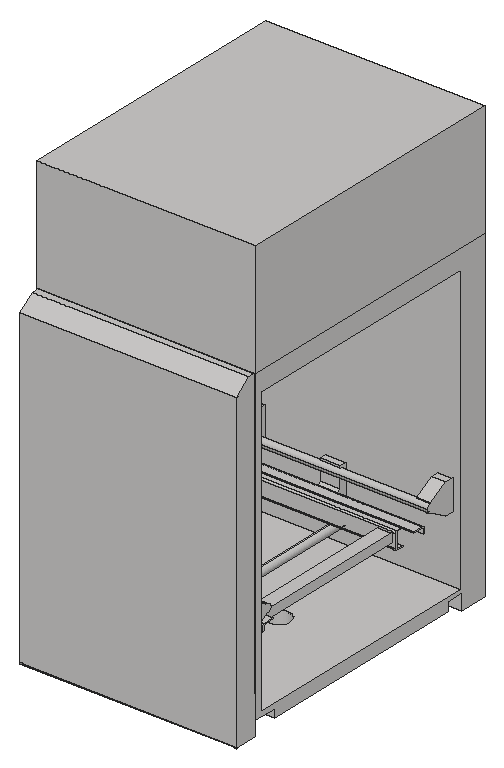
Revit family "QF_ELECTROLUXPROFESSIONAL_535135_NMHABDR5M", category Specialty Equipment, Revit 2018
Family settings
  Round Connector Dimension = Use Diameter
  Part Type = Normal
  Work Plane-Based = No
  Always vertical = Yes
  Cut with Voids When Loaded = No
  Shared = No
  Room Calculation Point = No
Parameters (values of type "NMHDRE56")
  Weight = 0.00 kg
  Watts = 0 W
  Volts = 0 V
  URL Manufacturer = ""
  URL = "http://professional.electrolux.com"
  Steam Supply Size = 0 mm
  Steam Supply Minimum Pressure = 0.0 Pa
  Steam Supply Maximum Pressure = 0.0 Pa
  Steam Pounds per Hour = 0
  Show Logo [instance] = yes
  Refrigeration Suction Line Size = 0 mm
  Refrigeration Liquid Line Size = 0 mm
  Refrigerant Compressor Remote = yes
  Manufacturer = "Electrolux"
  Phase = 0
  Model = "ESR10E5"
  Length Actual = 560 mm  # constant formula
  Show Clearance [instance] = yes
  Item Number = ""
  Hot Water Size = 0 mm
  Height Actual = 1130 mm  # constant formula
  HP = "5.9 HP"
  Gas Size = 0 mm
  Gas KW = 0
  Gas Input Pressure = 0 W
  Direct Waste Size = 50 mm
  Description = "SINGLE RINSE RT, 100R/H, ELECTRIC 50HZ"
  Depth Actual = 795 mm  # constant formula
  Cycle = 0 Hz
  Condensate Return Size = 0 mm
  Compressed Air Volume = 0.0 L/s
  Compressed Air Size = 0 mm
  Compressed Air Pressure = 0.0 Pa
  Cold Water Size = 0 mm
  Accessory = yes
Types (3, lengths in mm): name | Volts | URL Manufacturer | URL | Manufacturer | Phase | Model | Item Number | Description | Cycle
  (no name) | 0 V | "" | "http://professional.electrolux.com" | "Electrolux" | 0 | "ESR10E5" | "" | "SINGLE RINSE RT, 100R/H, ELECTRIC 50HZ" | 0 Hz
  NMHDRE56 | 0 V | "" | "http://professional.electrolux.com" | "Electrolux" | 0 | "ESR10E5" | "" | "SINGLE RINSE RT, 100R/H, ELECTRIC 50HZ" | 0 Hz
  Standard | 400 V | "http://professional.electrolux.com/" | "http://professional.electrolux.com/" | "Electrolux Professional" | 3 | "NMHABDR5M" | "535135" | "MEDIUM DRYER WITHOUT DOOR (HAB), DUAL RINSE RT, ELECTRIC, 400V/ 3/ 50Hz-MARINE" | 50 Hz
Reference planes
  plane 1 "Center X": y = -10.242
  plane 2: z = 0
  plane 3 "LEFT": x = -383.563
  plane 4 "RIGHT": x = 176.437
  plane 5 "BACK": y = 388.258
  plane 6 "FEET": z = 150
  plane 7: z = 2095
  plane 8 "BASE": z = 187
  plane 9 "TOP": z = 1785
  plane 10 "FRONT": y = -408.742
  plane 11: y = 311.258
  plane 12 "Medium": z = 775
  plane 13 "DrainX": x = -35.563
Forms (mm)
  Extrusion 1, solid, material "QF_Finishes_Stainless Steel"
    sketch origin (176.437, 479.936, 4000) x (0, 1, 0) y (0, 0, 1)
      loop
        line (-96.678, -2215) -> (-828.678, -2215) -> (-828.678, -2507) -> (-96.678, -2507) -> (-96.678, -2215)
    from -560 to 0
  Extrusion 2, solid, material "QF_Finishes_Stainless Steel"
    sketch origin (-383.563, 437.565, 4000) x (0, 1, 0) y (0, 0, 1)
      loop
        line (-54.307, -2507) -> (-786.307, -2507) -> (-786.307, -3300) -> (-727.307, -3300) -> (-727.307, -3322) -> (-171.307, -3322) -> (-171.307, -3300) -> (-126.307, -3300) -> (-126.307, -3340) -> (-54.307, -3340) -> (-54.307, -2507)
      loop
        line (-129.307, -2557) -> (-769.307, -2557) -> (-769.307, -3290) -> (-129.307, -3290) -> (-129.307, -2557)
    from 560 to 0
  Revolve 3, solid, material "QF_Finishes_Stainless Steel"
    sketch origin (-35.563, 0, 0) x (0, -1, 0) y (0, 0, 1)
      loop
        line (35.242, 613) -> (35.242, 633) -> (40.242, 633) -> (40.242, 663) -> (47.242, 663) -> (47.242, 678) -> (30.242, 678) -> (30.242, 613) -> (35.242, 613)
      axis (10.242, 613) -> (10.242, 678)
    angle from 0 to 360
  Extrusion 4, void
    sketch origin (0, 0, 775) x (-1, 0, 0) y (0, -1, 0)
      loop
        circle (36.563, 10.242) r 30
    from 0 to -97
  Extrusion 5, solid, material "QF_Clearance", detail levels coarse
    sketch origin (516.437, -74.242, 0) x (1, 0, 0) y (0, 1, 0)
      loop
        line (-900, 462.5) -> (-340, 462.5) -> (-340, 512.5) -> (-900, 512.5) -> (-900, 462.5)
    from 659 to 1785
Cuts and joins
  Extrusion 4 cuts Extrusion 2
Lines and regions (mm)
  symbolic lines
    curve 1: line (-383.563, 383.258, 0) -> (176.437, 383.258, 0)
    curve 2: line (-383.563, -348.742, 0) -> (-383.563, 383.258, 0)
    curve 3: line (176.437, -348.742, 0) -> (-383.563, -348.742, 0)
    curve 4: line (176.437, 383.258, 0) -> (176.437, -348.742, 0)
    curve 7: line (-383.563, 383.258, 0) -> (177.437, -348.742, 0)
    curve 8: line (-383.563, -10.242, 0) -> (-358.563, -10.242, 0)
    curve 9: line (176.437, -10.242, 0) -> (151.437, -10.242, 0)
  symbolic lines, style "SpecialityEquipment"
    curve 5: line (176.437, -281.742, 0) -> (-383.563, -281.742, 0)
    curve 6: line (-383.563, 308.258, 0) -> (176.437, 308.258, 0)
  symbolic lines, style "QF_Clearances"
    curve 10: line (-383.563, 438.258, 0) -> (176.437, 438.258, 0)
Dimensions and locks
  plane 3 "LEFT" to plane 4 "RIGHT" = 560 mm
  plane 5 "BACK" to plane 1 "Center X" to plane 10 "FRONT" = 398.5 mm, 398.5 mm
  plane 6 "FEET" to level = 150 mm
  plane 6 "FEET" to plane 9 "TOP" = 1635 mm
  plane 5 "BACK" to plane 10 "FRONT" = 797 mm  (x2)
  plane 4 "RIGHT" to plane 3 "LEFT" = 560 mm
  nested 1 to nested 2 to nested 2 = 732 mm, 60 mm
  plane 12 "Medium" to level = 775 mm
  plane 3 "LEFT" to plane 13 "DrainX" = 348 mm
  aligned and locked: level to plane 2
Nested families
  nested 1: "Basket_Guide+Wash_Arm_22''" at (-514, 0, 0), type "Basket_Guide+Wash_Arm_22''"
  nested 2: "DoorHDryer_22''" at (-453, 0, 0), Show Clearance <- "Show Clearance", type "DoorHDryer_22''"
Connectors
  piping at (-35.563, -10.242, 613), diameter 50
    settings: on Revolve 3, index 1, connector inside diameter 609.6 mm, connector length 0 mm, flow factor 0, pipe flow 0.0 L/s, pressure drop 0.0 Pa, fitting loss kfactor 0, connector angle 0.00°, fixture units 0, engagement length 0 mm, angle of deflection 0.00°, flow configuration 1, flow direction 2, fitting loss method 0, system type 16, joint type 0, gender type 0, connector reference index -1, connector utility 0, adjustable connector no, is connector primary yes, connector description "DRAIN"
Definition of nested family "Basket_Guide+Wash_Arm_22''"
  Reference planes
    plane 1: z = 0
    plane 2 "Center Y": x = 409.437
    plane 3 "LEFT": x = 130.437
    plane 4 "BACK": y = 383.258
    plane 5 "FRONT": y = -408.742
    plane 6: z = 150
    plane 7 "TOP": z = 1785
    plane 8: z = 875
    plane 9 "RIGHT": x = 688.437
  Forms (mm)
    Extrusion 1, solid
      sketch origin (243.437, -18.984, 0) x (0, -1, 0) y (0, 0, 1)
        loop
          line (264.703, 929.245) -> (264.703, 907.554) -> (312.758, 879.81) -> (312.758, 956.99) -> (264.703, 929.245)
        loop
          line (-259.187, 929.245) -> (-307.242, 956.99) -> (-327.242, 956.99) -> (-327.242, 879.81) -> (-307.242, 879.81) -> (-259.187, 907.554) -> (-259.187, 929.245)
      from -424 to -388
    Extrusion 2, solid
      sketch origin (293.437, -18.984, 0) x (0, -1, 0) y (0, 0, 1)
        loop
          circle (264.703, 918.4) r 10
        loop
          circle (-259.187, 918.4) r 10
      from -374 to 142
    Extrusion 3, solid
      sketch origin (293.437, -18.984, 0) x (0, -1, 0) y (0, 0, 1)
        loop
          line (-252.564, 858) -> (-252.564, 870.68)
          arc (-252.564, 870.68) -> (-251.884, 872.32) -> (-250.244, 873) r 2.32
          line (-250.244, 873) -> (-222.564, 873) -> (-222.564, 875) -> (-250.244, 875)
          arc (-250.244, 875) -> (-253.299, 873.735) -> (-254.564, 870.68) r 4.32
          line (-254.564, 870.68) -> (-254.564, 858) -> (-252.564, 858)
        loop
          line (258.08, 858) -> (260.08, 858) -> (260.08, 870.68)
          arc (260.08, 870.68) -> (258.815, 873.735) -> (255.76, 875) r 4.32
          line (255.76, 875) -> (228.08, 875) -> (228.08, 873) -> (255.76, 873)
          arc (255.76, 873) -> (257.401, 872.32) -> (258.08, 870.68) r 2.32
          line (258.08, 870.68) -> (258.08, 858)
      from -360 to 128
    Extrusion 4, solid
      sketch origin (293.437, -18.984, 0) x (0, -1, 0) y (0, 0, 1)
        loop
          arc (-216.187, 825.32) -> (-216.866, 823.679) -> (-218.507, 823) r 2.32
          line (-218.507, 823) -> (-236.187, 823) -> (-236.187, 821) -> (-218.507, 821)
          arc (-218.507, 821) -> (-215.452, 822.265) -> (-214.187, 825.32) r 4.32
          line (-214.187, 825.32) -> (-214.187, 861.68)
          arc (-214.187, 861.68) -> (-215.452, 864.735) -> (-218.507, 866) r 4.32
          line (-218.507, 866) -> (-236.187, 866) -> (-236.187, 864) -> (-218.507, 864)
          arc (-218.507, 864) -> (-216.866, 863.32) -> (-216.187, 861.68) r 2.32
          line (-216.187, 861.68) -> (-216.187, 825.32)
        loop
          line (221.703, 825.32) -> (221.703, 861.68)
          arc (221.703, 861.68) -> (222.383, 863.32) -> (224.023, 864) r 2.32
          line (224.023, 864) -> (241.703, 864) -> (241.703, 866) -> (224.023, 866)
          arc (224.023, 866) -> (220.969, 864.735) -> (219.703, 861.68) r 4.32
          line (219.703, 861.68) -> (219.703, 825.32)
          arc (219.703, 825.32) -> (220.969, 822.265) -> (224.023, 821) r 4.32
          line (224.023, 821) -> (241.703, 821) -> (241.703, 823) -> (224.023, 823)
          arc (224.023, 823) -> (222.383, 823.679) -> (221.703, 825.32) r 2.32
      from -320 to 88
    Extrusion 5, solid
      sketch origin (575.437, -18.984, 0) x (0, -1, 0) y (0, 0, 1)
        loop
          line (264.703, 929.245) -> (264.703, 907.554) -> (312.758, 879.81) -> (312.758, 956.99) -> (264.703, 929.245)
        loop
          line (-259.187, 929.245) -> (-307.242, 956.99) -> (-327.242, 956.99) -> (-327.242, 879.81) -> (-307.242, 879.81) -> (-259.187, 907.554) -> (-259.187, 929.245)
      from 424 to 388
    Extrusion 6, solid
      sketch origin (243.437, -18.984, 0) x (0, -1, 0) y (0, 0, 1)
        loop
          line (219.703, 858) -> (-214.187, 858) -> (-214.187, 836) -> (219.703, 836) -> (219.703, 858)
      from -360 to -325
    Extrusion 7, solid
      sketch origin (575.437, -18.984, 0) x (0, -1, 0) y (0, 0, 1)
        loop
          line (219.703, 858) -> (-214.187, 858) -> (-214.187, 836) -> (219.703, 836) -> (219.703, 858)
      from 360 to 325
    Extrusion 8, solid
      sketch origin (409.437, 308.258, 1443) x (0, 0, 1) y (-1, 0, 0)
        loop
          line (-650.516, 7.5) -> (-663.507, 15) -> (-676.497, 7.5) -> (-676.497, -7.5) -> (-663.507, -15) -> (-650.516, -7.5) -> (-650.516, 7.5)
        loop
          line (-22.01, 7.5) -> (-35, 15) -> (-47.99, 7.5) -> (-47.99, -7.5) -> (-35, -15) -> (-22.01, -7.5) -> (-22.01, 7.5)
      from 0 to 30
    Extrusion 9, solid
      sketch origin (409.437, 278.258, 1443) x (0, 0, 1) y (-1, 0, 0)
        loop
          circle (-663.507, 0) r 10
        loop
          circle (-35, 0) r 10
      from 0 to 537.443
    Extrusion 10, solid
      sketch origin (409.437, -38.984, 0) x (0, -1, 0) y (0, 0, 1)
        loop
          line (244.703, 880.8) -> (236.703, 872.8) -> (221.703, 872.8) -> (221.703, 855.89) -> (201.703, 855.89) -> (201.703, 833.698) -> (238.1, 833.698) -> (209.284, 804.882) -> (200.502, 763.596) -> (201.48, 763.388) -> (210.201, 804.385) -> (262.124, 856.308) -> (262.124, 933.4) -> (244.703, 933.4) -> (244.703, 880.8)
        loop
          line (-279.187, 880.8) -> (-279.187, 933.4) -> (-296.608, 933.4) -> (-296.608, 856.308) -> (-273.998, 833.698) -> (-236.187, 833.698) -> (-236.187, 855.89) -> (-256.187, 855.89) -> (-256.187, 872.8) -> (-271.187, 872.8) -> (-279.187, 880.8)
        loop
          line (220.202, 1443) -> (218.202, 1443) -> (218.202, 1420.7) -> (195.852, 1381.988) -> (197.584, 1380.988) -> (220.202, 1420.164) -> (220.202, 1443)
      from -25 to 25
  Cuts and joins
    joined: Extrusion 1, Extrusion 2, Extrusion 3, Extrusion 4, Extrusion 5, Extrusion 6, Extrusion 7, Extrusion 8, Extrusion 9, Extrusion 10
  Dimensions and locks
    plane 3 "LEFT" to plane 9 "RIGHT" = 558 mm
    equal spacing: plane 3 "LEFT", plane 2 "Center Y", plane 9 "RIGHT", locked at 279 each
    plane 7 "TOP" to plane 6 to level = 1635 mm, 150 mm
    plane 4 "BACK" to plane 5 "FRONT" = 792 mm
    aligned and locked: level to plane 1
  Automatic sketch dimensions
    plane 8 to Extrusion 1 sketch curve = 4.81 mm  (x2)
    Extrusion 1 sketch curve to plane 4 "BACK" = 75 mm
    Extrusion 1 sketch curve to Extrusion 1 sketch curve = 20 mm  (x2)
    Extrusion 1 sketch curve to Extrusion 1 sketch curve = 48.055 mm  (x2)
    plane 8 to Extrusion 1 sketch curve = 32.554 mm  (x2)
    plane 5 "FRONT" to Extrusion 1 sketch curve = 125.055 mm
    Extrusion 1 sketch curve to Extrusion 1 sketch curve = 21.691 mm  (x2)
    Extrusion 1 sketch curve to Extrusion 1 sketch curve = 27.745 mm  (x2)
    plane 8 to Extrusion 2 sketch curve = 43.4 mm  (x2)
    Extrusion 2 sketch curve to plane 4 "BACK" = 143.055 mm
    plane 5 "FRONT" to Extrusion 2 sketch curve = 125.055 mm
    Extrusion 3 sketch curve to Extrusion 3 sketch curve = 0 mm  (x4)
    Extrusion 3 sketch curve to plane 8 = 0 mm  (x2)
    Extrusion 3 sketch curve to plane 8 = 4.32 mm  (x2)
    Extrusion 3 sketch curve to plane 4 "BACK" = 147.678 mm
    Extrusion 3 sketch curve to Extrusion 3 sketch curve = 2 mm  (x2)
    Extrusion 3 sketch curve to Extrusion 3 sketch curve = 27.68 mm  (x2)
    plane 5 "FRONT" to Extrusion 3 sketch curve = 161.678 mm
    Extrusion 3 sketch curve to Extrusion 3 sketch curve = 12.68 mm  (x2)
    Extrusion 4 sketch curve to Extrusion 4 sketch curve = 0 mm  (x9)
    Extrusion 4 sketch curve to plane 8 = 9 mm
    Extrusion 4 sketch curve to plane 4 "BACK" = 166.055 mm
    Extrusion 4 sketch curve to Extrusion 4 sketch curve = 17.68 mm  (x4)
    Extrusion 4 sketch curve to Extrusion 4 sketch curve = 2.32 mm  (x3)
    Extrusion 4 sketch curve to Extrusion 4 sketch curve = 2 mm  (x2)
    Extrusion 4 sketch curve to plane 8 = 49.68 mm
    plane 5 "FRONT" to Extrusion 4 sketch curve = 170.055 mm
    Extrusion 4 sketch curve to Extrusion 4 sketch curve = 43 mm
    Extrusion 4 sketch curve to plane 8 = 13.32 mm
    plane 8 to Extrusion 5 sketch curve = 4.81 mm  (x2)
    Extrusion 5 sketch curve to plane 4 "BACK" = 75 mm
    Extrusion 5 sketch curve to Extrusion 5 sketch curve = 20 mm  (x2)
    Extrusion 5 sketch curve to Extrusion 5 sketch curve = 48.055 mm  (x2)
    plane 8 to Extrusion 5 sketch curve = 32.554 mm  (x2)
    plane 5 "FRONT" to Extrusion 5 sketch curve = 125.055 mm
    Extrusion 5 sketch curve to Extrusion 5 sketch curve = 21.691 mm  (x2)
    Extrusion 5 sketch curve to Extrusion 5 sketch curve = 27.745 mm  (x2)
    Extrusion 6 sketch curve to plane 8 = 17 mm
    Extrusion 6 sketch curve to plane 4 "BACK" = 188.055 mm
    Extrusion 6 sketch curve to plane 8 = 39 mm
    plane 5 "FRONT" to Extrusion 6 sketch curve = 170.055 mm
    Extrusion 7 sketch curve to plane 8 = 17 mm
    Extrusion 7 sketch curve to plane 4 "BACK" = 188.055 mm
    Extrusion 7 sketch curve to plane 8 = 39 mm
    plane 5 "FRONT" to Extrusion 7 sketch curve = 170.055 mm
    Extrusion 8 sketch curve to plane 2 "Center Y" = 7.5 mm  (x4)
    Extrusion 8 sketch curve to plane 8 = 108.497 mm
    Extrusion 8 sketch curve to plane 2 "Center Y" = 15 mm  (x2)
    Extrusion 8 sketch curve to Extrusion 8 sketch curve = 12.99 mm  (x6)
    plane 2 "Center Y" to Extrusion 8 sketch curve = 15 mm  (x2)
    Extrusion 8 sketch curve to plane 7 "TOP" = 389.99 mm
    plane 2 "Center Y" to Extrusion 8 sketch curve = 7.5 mm  (x4)
    plane 8 to Extrusion 10 sketch curve = 58.4 mm
    Extrusion 10 sketch curve to plane 4 "BACK" = 125.634 mm
    Extrusion 10 sketch curve to Extrusion 10 sketch curve = 17.421 mm  (x3)
    plane 8 to Extrusion 10 sketch curve = 5.8 mm  (x2)
    Extrusion 10 sketch curve to plane 8 = 41.302 mm  (x2)
    Extrusion 10 sketch curve to Extrusion 10 sketch curve = 22.61 mm
    Extrusion 10 sketch curve to plane 8 = 2.2 mm  (x2)
    Extrusion 10 sketch curve to Extrusion 10 sketch curve = 8 mm  (x2)
    Extrusion 10 sketch curve to Extrusion 10 sketch curve = 15 mm  (x2)
    Extrusion 10 sketch curve to Extrusion 10 sketch curve = 20 mm  (x2)
    plane 5 "FRONT" to Extrusion 10 sketch curve = 173.907 mm
    Extrusion 10 sketch curve to Extrusion 10 sketch curve = 1.732 mm
    plane 5 "FRONT" to Extrusion 10 sketch curve = 169.257 mm
    Extrusion 10 sketch curve to Extrusion 10 sketch curve = 0.978 mm
    Extrusion 10 sketch curve to plane 8 = 19.11 mm
    Extrusion 10 sketch curve to Extrusion 10 sketch curve = 1.202 mm
    Extrusion 10 sketch curve to plane 8 = 70.118 mm
    Extrusion 10 sketch curve to Extrusion 10 sketch curve = 7.581 mm
    Extrusion 10 sketch curve to plane 8 = 70.615 mm
    Extrusion 10 sketch curve to Extrusion 10 sketch curve = 0.916 mm
    Extrusion 10 sketch curve to Extrusion 10 sketch curve = 22.35 mm
    Extrusion 10 sketch curve to Extrusion 10 sketch curve = 2 mm
    Extrusion 10 sketch curve to Extrusion 10 sketch curve = 16.397 mm
    Extrusion 10 sketch curve to Extrusion 10 sketch curve = 0 mm
    Extrusion 10 sketch curve to Extrusion 10 sketch curve = 16.909 mm
    Extrusion 10 sketch curve to plane 8 = 18.692 mm  (x2)
    Extrusion 10 sketch curve to Extrusion 10 sketch curve = 52.6 mm
    Extrusion 10 sketch curve to plane 7 "TOP" = 404.012 mm
    Extrusion 10 sketch curve to Extrusion 10 sketch curve = 1 mm
    Extrusion 10 sketch curve to Extrusion 10 sketch curve = 22.3 mm
    Extrusion 9 sketch curve to Extrusion 8 = 12.99 mm  (x3)
    Extrusion 9 sketch curve to Extrusion 9 sketch curve = 0 mm
    radius of Extrusion 2 sketch curve = 10 mm  (x2)
    radius of Extrusion 9 sketch curve = 10 mm  (x2)
Definition of nested family "DoorHDryer_22''"
  Parameters
    Show Clearance [instance] = yes
  Reference planes
    plane 1: z = 0
    plane 2 "Center Y": x = 350.437
    plane 3 "LEFT": x = 70.437
    plane 4 "RIGHT": x = 630.437
    plane 5 "FRONT": y = -408.742
    plane 6: z = 150
    plane 7: y = -348.742
    plane 8: z = 775
  Forms (mm)
    Extrusion 1, solid
      sketch origin (350.437, 0, 0) x (0, 1, 0) y (0, 0, 1)
        loop
          line (-351.742, 1493) -> (-368.817, 1493) -> (-408.742, 1463.413) -> (-408.742, 661.5)
          arc (-408.742, 661.5) -> (-408.01, 659.732) -> (-406.242, 659) r 2.5
          line (-406.242, 659) -> (-348.742, 659) -> (-348.742, 758.131) -> (-351.742, 758.971) -> (-351.742, 1493)
      from -277 to 277
  Lines and regions (mm)
    symbolic lines
      curve 1: line (73.437, -408.742, 1785) -> (73.437, -348.742, 1785)
      curve 2: line (627.437, -408.742, 1785) -> (73.437, -408.742, 1785)
      curve 3: line (627.437, -348.742, 1785) -> (627.437, -408.742, 1785)
  Dimensions and locks
    locked: plane 3 "LEFT" to plane 4 "RIGHT" at 560
    plane 6 to level = 150 mm
    equal spacing: plane 3 "LEFT", plane 2 "Center Y", plane 4 "RIGHT", locked at 280 each
    plane 8 to level = 775 mm
    aligned and locked: level to plane 1
  Automatic sketch dimensions
    curve 1 to plane 7 = 0 mm
    curve 3 to plane 7 = 0 mm
    curve 2 to plane 5 "FRONT" = 0 mm
    plane 3 "LEFT" to curve 2 = 3 mm
    curve 2 to plane 4 "RIGHT" = 3 mm
    Extrusion 1 sketch curve to plane 5 "FRONT" = 0 mm
    Extrusion 1 sketch curve to plane 7 = 0 mm
    Extrusion 1 sketch curve to plane 7 = 20.076 mm
    Extrusion 1 sketch curve to plane 7 = 3 mm
    plane 8 to Extrusion 1 sketch curve = 688.413 mm
    Extrusion 1 sketch curve to Extrusion 1 sketch curve = 29.587 mm
    Extrusion 1 sketch curve to plane 8 = 16.029 mm
    Extrusion 1 sketch curve to Extrusion 1 sketch curve = 0.839 mm
    Extrusion 1 sketch curve to Extrusion 1 sketch curve = 97.471 mm
    Extrusion 1 sketch curve to Extrusion 1 sketch curve = 2.5 mm
